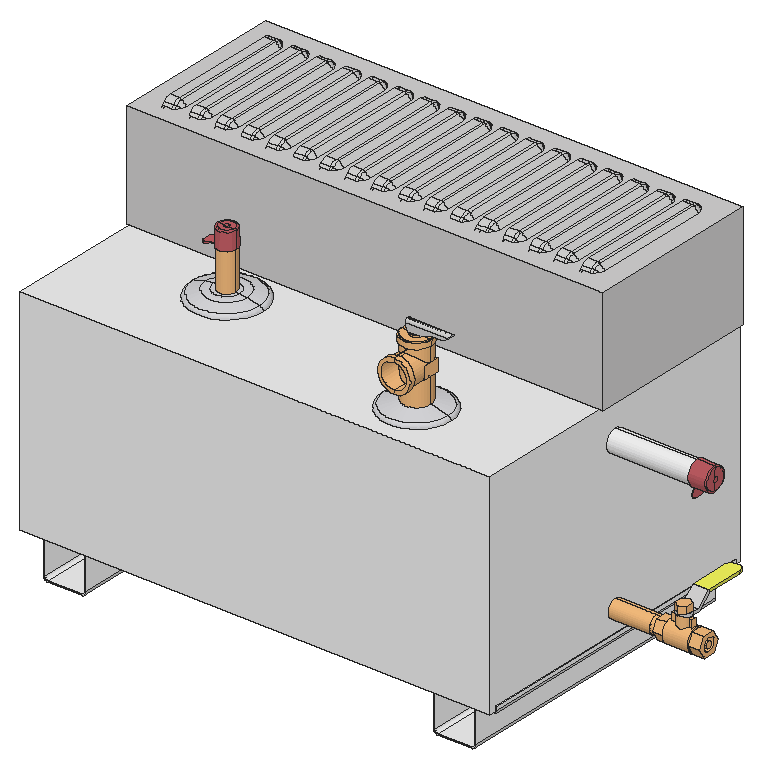
Revit family "Shower-Steam_Generator-KOHLER-Invigoration_Series-K-32335", category Plumbing Fixtures, host Face, Revit 2021
Family settings
  Host = Face
  Round Connector Dimension = Use Diameter
  Part Type = Normal
  OmniClass Number = 23.21.29.19.19
  OmniClass Title = Steam Room Equipment
  Cut with Voids When Loaded = No
  Shared = No
  Room Calculation Point = No
Parameters (values of type "NA-Stainless")
  Width = 21.85685"  # constant formula
  WaterSense Certified = 1 = 0  # no
  Waste Water Outlet = "Waste Water Outlet"  # constant formula
  Waste Connection = 1 = 1  # yes
  Voltage = 0 V
  Vent Connection = 1 = 1  # yes
  URL = "https://www.us.kohler.com/us/"
  Type = 1
  Steam Outlet = "Steam Outlet"  # constant formula
  Steam Connection = 1 = 1  # yes
  Product Page URL = "http://www.us.kohler.com/us/catalog/productDetails.jsp?productNumber=32335"
  Product Name = "Invigoration Series"  # constant formula
  Product Documentation Link = "https://www.us.kohler.com/webassets/kpna/catalog/pdf/en/K-32335_spec_US-CA_Kohler_en.pdf"
  Pressure Relief = "Pressure Relief"  # constant formula
  Pressure = 0.00 psi
  Model = "K-32335-NA"  # constant formula
  Material = "Premium Metal Construction"  # constant formula
  Master Format 2014 Name = "Residential Faucets, Supplies, and Trim"  # constant formula
  Master Format 2014 = "22 41 39"  # constant formula
  Manufacturer Address = "444 Highland Dr, Kohler, WI 53044"  # constant formula
  Manufacturer = "Kohler Co."  # constant formula
  Length = 11.73622"  # constant formula
  Hot Water Inlet = "Hot Water Inlet"  # constant formula
  Height = 13.73508"  # constant formula
  Handle Clearance 2 = 1.34409"  # constant formula
  Handle Clearance 1 = 2.54787"  # constant formula
  HW Connection = 1 = 1  # yes
  Flow Rate = 0 GPM
  Finish = Kohler-Metal-NA-Anodized_Aluminum
  Environmental Product Declaration = ""
  Electrical Note = "One Dedicated Circuit Required"  # constant formula
  Electrical Connector = 1 = 1  # yes
  Drain Included = 1 = 1  # yes
  Description = "30 KW Steam Generator"  # constant formula
  Default Elevation = 0"
  Declare Label = ""
  Date Modified = "04/30/2024"  # constant formula
  Date Created = "04/30/2024"  # constant formula
  Copyright = "Copyright Kohler Co."  # constant formula
  Contact Us = "https://www.us.kohler.com/us/static/contact.jsp"
  Cold Water Inlet = "Cold Water Inlet"  # constant formula
  CW Connection = 1 = 1  # yes
  Assembly Code = "D2010"
  Apparent Load = 30000 VA  # constant formula
  ADA Compliant = 1 = 0  # no
Reference planes (in)
  plane 1 "Center (Front/Back)": y = 0
  plane 2: z = 0
  plane 3 "Center (Left/Right)": x = 0
  plane 4: y = 5.86811
  plane 5: x = -9.04331
  plane 6: x = -9.22301
  plane 7: x = 12.63384
  plane 8: y = -3.99879
  plane 9: y = -2.30118
  plane 10: z = 13.73508
  plane 11: z = 1.53543
  plane 12: z = 2.55906
  plane 13: z = 8.22441
  plane 14: z = 11.10236
  plane 15: x = 4.59843
  plane 16: y = -0.70669
  plane 17: y = -5.86811
  plane 18: x = -4.07087
  plane 19: x = 8.9685
  plane 20: x = -8.9685
  plane 21: z = 9.56693
  plane 22: z = 11.98538
  plane 23: x = 8.86614
  plane 24: z = 13.53937
  plane 25: y = 5.62992
  plane 26: y = -5.63976
  plane 27: y = 2.53801
  plane 28: x = 5.94252
  plane 29: y = -0.00986
  plane 30: x = -3.91208
  plane 31: y = -5.06881
  plane 32: x = 12.39272
  plane 33: z = 6.91806
  plane 34: y = 1.4764
Dimensions and locks (in)
  plane 4 to plane 1 "Center (Front/Back)" = 5.86811"
  "Length": plane 4 to plane 17
  plane 9 to plane 17 = 3.56693"
  nested 1 to plane 18 = 4.89764"
  plane 15 to plane 19 = 4.37008"
  plane 8 to plane 17 = 1.86932"
  plane 20 to plane 19 = 17.93701"
  nested 1 to nested 1 = 2.41845"
  nested 1 to plane 7 = 3.7677"
  plane 13 to host face = 8.22441"
  plane 11 to host face = 1.53543"
  nested 1 to host face = 13.53937"
  plane 21 to plane 14 = 1.53543"
  plane 4 to plane 16 = 6.5748"
  host face to plane 24 = 13.53937"
  host face to plane 12 = 2.55906"
  plane 21 to host face = 9.56693"
  "Handle Clearance 1": plane 27 to plane 29
  "Handle Clearance 2": plane 15 to plane 28
  "Width": plane 6 to plane 7
  "Height": plane 10 to level
  aligned and locked: plane 2 to host face
  aligned and locked: level to host face
Automatic sketch dimensions
  host sketch curve to host sketch curve = 96"  (x2)
Nested families (in)
  nested 1: "K-32335" at (0, 0, 0), type "K-32335"
Connectors (in)
  piping at (12.63386, 0, 8.22441), diameter 0.5, driven by "Steam Connection", driven by "Steam Outlet"
    settings: on nested 1, index 1, connector inside diameter 24", connector length 0", flow factor 0, pipe flow 0 GPM, pressure drop 0.00 psi, fitting loss kfactor 0, connector angle 0.00°, fixture units 0, engagement length 0", angle of deflection 0.00°, flow configuration 0, flow direction 2, fitting loss method 0, system type 22, joint type 0, gender type 0, connector reference index -1, connector utility 1, adjustable connector no, is connector primary yes, connector description "Steam Outlet"
  piping at (-3.91208, -2.30118, 11.98538), diameter 0.375, driven by "CW Connection", driven by "Cold Water Inlet"
    settings: on nested 1, index 2, connector inside diameter 24", connector length 0", flow factor 0, pipe flow 0 GPM, pressure drop 0.00 psi, fitting loss kfactor 0, connector angle 0.00°, fixture units 0, engagement length 0", angle of deflection 0.00°, flow configuration 0, flow direction 1, fitting loss method 0, system type 22, joint type 0, gender type 0, connector reference index -1, connector utility 1, adjustable connector no, is connector primary no, connector description "Cold Water Inlet"
  piping at (4.59843, -5.06871, 11.10236), diameter 0.375, driven by "Vent Connection", driven by "Pressure Relief"
    settings: on nested 1, index 3, connector inside diameter 24", connector length 0", flow factor 0, pipe flow 0 GPM, pressure drop 0.00 psi, fitting loss kfactor 0, connector angle 0.00°, fixture units 0, engagement length 0", angle of deflection 0.00°, flow configuration 0, flow direction 2, fitting loss method 0, system type 17, joint type 0, gender type 0, connector reference index -1, connector utility 1, adjustable connector no, is connector primary no, connector description "Pressure Relief"
  electrical at (-8.84787, 1.4764, 6.91806), driven by "Apparent Load", driven by "Electrical Connector", driven by "Electrical Note"
    settings: on nested 1, index 5, voltage 0 V, apparent load 30000 VA, apparent load phase1 0 VA, apparent load phase2 0 VA, apparent load phase3 0 VA, power factor 1, load classification "Power", number of poles 1, system type 30, power factor state 1, is connector primary yes, connector utility yes, sub classification motor no, connector description "One Dedicated Circuit Required"
  piping at (12.39272, -0.00984, 2.55906), diameter 0.375, driven by "Waste Connection", driven by "Waste Water Outlet"
    settings: on nested 1, index 6, connector inside diameter 24", connector length 0", flow factor 0, pipe flow 0 GPM, pressure drop 0.00 psi, fitting loss kfactor 0, connector angle 0.00°, fixture units 0, engagement length 0", angle of deflection 0.00°, flow configuration 0, flow direction 2, fitting loss method 0, system type 16, joint type 0, gender type 0, connector reference index -1, connector utility 1, adjustable connector no, is connector primary no, connector description "Waste Water Outlet"
Definition of nested family "K-32335"
  Parameters
    Material = none
    Default Elevation = 0"
  Reference planes (in)
    plane 1 "Center (Front/Back)": y = 0
    plane 2: z = 0
    plane 3 "Center (Left/Right)": x = 0
    plane 4: x = 8.9685
    plane 5: x = -8.9685
    plane 6: x = 12.63386
    plane 7: x = 8.86614
    plane 8: z = 13.53937
    plane 9: z = 1.53543
    plane 10: z = 8.22441
    plane 11: x = 12.39272
    plane 12: z = 9.56693
    plane 13: z = 2.55906
    plane 14: z = 11.10236
    plane 15: y = 5.86811
    plane 16: y = -5.86811
    plane 17: y = -0.00984
    plane 18: x = -4.07087
    plane 19 "FF": x = 4.59843
    plane 20 "revv": y = -2.30118
    plane 21: y = -0.70669
    plane 22 "ff": y = -3.99879
    plane 23: z = 6.91806
    plane 24: y = 1.4764
    plane 25: y = 0.82679
    plane 26: y = 0.13782
    plane 27 "scrr": y = 5.67129
    plane 28: x = -9.04331
    plane 29: x = -9.22301
    plane 30: z = 13.73509
    plane 31: x = -3.91208
    plane 32: z = 11.98538
    plane 33: y = -5.63976
    plane 34: y = 5.62992
    plane 35: y = 2.53801
    plane 36: x = 5.9425
  Forms (in)
    Extrusion 1, solid, material <- "Material"
      sketch origin (0, 0, 0) x (1, 0, 0) y (0, 0, 1)
        loop
          line (-8.12992, 1.37672) -> (-8.12992, 0.15625)
          arc (-8.12992, 0.15625) -> (-8.0838, 0.04489) -> (-7.97244, -0.00123) r 0.15748
          line (-7.97244, -0.00123) -> (-6.70472, -0.00123)
          arc (-6.70472, -0.00123) -> (-6.59337, 0.04489) -> (-6.54724, 0.15625) r 0.15748
          line (-6.54724, 0.15625) -> (-6.54724, 1.37672)
          arc (-6.54724, 1.37672) -> (-6.51265, 1.46024) -> (-6.42913, 1.49483) r 0.11811
          line (-6.42913, 1.49483) -> (-6.0748, 1.49483) -> (-6.0748, 1.5342) -> (-6.42913, 1.5342)
          arc (-6.42913, 1.5342) -> (-6.54049, 1.48808) -> (-6.58661, 1.37672) r 0.15748
          line (-6.58661, 1.37672) -> (-6.58661, 0.15625)
          arc (-6.58661, 0.15625) -> (-6.62121, 0.07273) -> (-6.70472, 0.03814) r 0.11811
          line (-6.70472, 0.03814) -> (-7.97244, 0.03814)
          arc (-7.97244, 0.03814) -> (-8.05596, 0.07273) -> (-8.09055, 0.15625) r 0.11811
          line (-8.09055, 0.15625) -> (-8.09055, 1.37672)
          arc (-8.09055, 1.37672) -> (-8.13668, 1.48808) -> (-8.24803, 1.5342) r 0.15748
          line (-8.24803, 1.5342) -> (-8.84252, 1.5342)
          arc (-8.84252, 1.5342) -> (-8.87036, 1.54573) -> (-8.88189, 1.57357) r 0.03937
          line (-8.88189, 1.57357) -> (-8.88189, 1.73105) -> (-8.92126, 1.73105) -> (-8.92126, 1.57357)
          arc (-8.92126, 1.57357) -> (-8.8982, 1.5179) -> (-8.84252, 1.49483) r 0.07874
          line (-8.84252, 1.49483) -> (-8.24803, 1.49483)
          arc (-8.24803, 1.49483) -> (-8.16451, 1.46024) -> (-8.12992, 1.37672) r 0.11811
        loop
          line (6.58661, 0.15625) -> (6.58661, 1.37672)
          arc (6.58661, 1.37672) -> (6.54049, 1.48808) -> (6.42913, 1.5342) r 0.15748
          line (6.42913, 1.5342) -> (6.0748, 1.5342) -> (6.0748, 1.49483) -> (6.42913, 1.49483)
          arc (6.42913, 1.49483) -> (6.51265, 1.46024) -> (6.54724, 1.37672) r 0.11811
          line (6.54724, 1.37672) -> (6.54724, 0.15625)
          arc (6.54724, 0.15625) -> (6.59337, 0.04489) -> (6.70472, -0.00123) r 0.15748
          line (6.70472, -0.00123) -> (7.97244, -0.00123)
          arc (7.97244, -0.00123) -> (8.0838, 0.04489) -> (8.12992, 0.15625) r 0.15748
          line (8.12992, 0.15625) -> (8.12992, 1.37672)
          arc (8.12992, 1.37672) -> (8.16451, 1.46024) -> (8.24803, 1.49483) r 0.11811
          line (8.24803, 1.49483) -> (8.84252, 1.49483)
          arc (8.84252, 1.49483) -> (8.8982, 1.5179) -> (8.92126, 1.57357) r 0.07874
          line (8.92126, 1.57357) -> (8.92126, 1.73105) -> (8.88189, 1.73105) -> (8.88189, 1.57357)
          arc (8.88189, 1.57357) -> (8.87036, 1.54573) -> (8.84252, 1.5342) r 0.03937
          line (8.84252, 1.5342) -> (8.24803, 1.5342)
          arc (8.24803, 1.5342) -> (8.13668, 1.48808) -> (8.09055, 1.37672) r 0.15748
          line (8.09055, 1.37672) -> (8.09055, 0.15625)
          arc (8.09055, 0.15625) -> (8.05596, 0.07273) -> (7.97244, 0.03814) r 0.11811
          line (7.97244, 0.03814) -> (6.70472, 0.03814)
          arc (6.70472, 0.03814) -> (6.62121, 0.07273) -> (6.58661, 0.15625) r 0.11811
      from -5.6201 to 5.63974
    Extrusion 2, solid, material <- "Material", detail levels medium+fine
      sketch origin (0, 0, 0) x (1, 0, 0) y (0, 1, 0)
        loop
          line (-8.84787, -5.86811) -> (8.84399, -5.86811) -> (8.84399, 5.86811) -> (-8.84787, 5.86811) -> (-8.84787, -5.86811)
      from 1.5342 to 9.5657
    Extrusion 3, solid, detail levels medium+fine
      sketch origin (0, 0, 0) x (1, 0, 0) y (0, 1, 0)
        loop
          line (8.9685, -0.70667) -> (8.9685, 5.86813) -> (-8.9685, 5.86813) -> (-8.9685, -0.70667) -> (8.9685, -0.70667)
      from 9.5657 to 13.53814
    Sweep 4, solid, detail levels medium+fine
      path origin (0, 0, 0) x (0, 1, 0) y (0, 0, 1)
        loop
          line (5.18847, 13.50127) -> (5.07006, 13.61968)
          arc (5.07006, 13.61968) -> (4.94233, 13.70502) -> (4.79167, 13.73499) r 0.3937
          line (4.79167, 13.73499) -> (0.36979, 13.73499)
          arc (0.36979, 13.73499) -> (0.21913, 13.70502) -> (0.0914, 13.61968) r 0.3937
          line (0.0914, 13.61968) -> (-0.04723, 13.48104)
      profile origin (0, 2.58073, 13.73499) x (0, 0, -1) y (1, 0, 0)
        loop
          line (0, 0.04163) -> (0, -0.30315) -> (0.03459, -0.30315) -> (0.03459, 0.0068)
          arc (0.03459, 0.0068) -> (0.04477, 0.05794) -> (0.07373, 0.10129) r 0.13363
          line (0.07373, 0.10129) -> (0.21223, 0.23979) -> (0.21223, 0.30278) -> (0.03459, 0.12514)
          arc (0.03459, 0.12514) -> (0.00899, 0.08683) -> (0, 0.04163) r 0.11811
    Sweep 5, solid, detail levels medium+fine
      path origin (0.98425, 0, 0) x (0, 1, 0) y (0, 0, 1)
        loop
          line (5.18847, 13.50127) -> (5.07006, 13.61968)
          arc (5.07006, 13.61968) -> (4.94233, 13.70502) -> (4.79167, 13.73499) r 0.3937
          line (4.79167, 13.73499) -> (0.36979, 13.73499)
          arc (0.36979, 13.73499) -> (0.21913, 13.70502) -> (0.0914, 13.61968) r 0.3937
          line (0.0914, 13.61968) -> (-0.04723, 13.48104)
      profile origin (0.98425, 2.58073, 13.73499) x (0, 0, -1) y (1, 0, 0)
        loop
          line (0, 0.04163) -> (0, -0.30315) -> (0.03459, -0.30315) -> (0.03459, 0.0068)
          arc (0.03459, 0.0068) -> (0.04477, 0.05794) -> (0.07373, 0.10129) r 0.13363
          line (0.07373, 0.10129) -> (0.21223, 0.23979) -> (0.21223, 0.30278) -> (0.03459, 0.12514)
          arc (0.03459, 0.12514) -> (0.00899, 0.08683) -> (0, 0.04163) r 0.11811
    Sweep 6, solid, detail levels medium+fine
      path origin (1.9685, 0, 0) x (0, 1, 0) y (0, 0, 1)
        loop
          line (5.18847, 13.50127) -> (5.07006, 13.61968)
          arc (5.07006, 13.61968) -> (4.94233, 13.70502) -> (4.79167, 13.73499) r 0.3937
          line (4.79167, 13.73499) -> (0.36979, 13.73499)
          arc (0.36979, 13.73499) -> (0.21913, 13.70502) -> (0.0914, 13.61968) r 0.3937
          line (0.0914, 13.61968) -> (-0.04723, 13.48104)
      profile origin (1.9685, 2.58073, 13.73499) x (0, 0, -1) y (1, 0, 0)
        loop
          line (0, 0.04163) -> (0, -0.30315) -> (0.03459, -0.30315) -> (0.03459, 0.0068)
          arc (0.03459, 0.0068) -> (0.04477, 0.05794) -> (0.07373, 0.10129) r 0.13363
          line (0.07373, 0.10129) -> (0.21223, 0.23979) -> (0.21223, 0.30278) -> (0.03459, 0.12514)
          arc (0.03459, 0.12514) -> (0.00899, 0.08683) -> (0, 0.04163) r 0.11811
    Sweep 7, solid, detail levels medium+fine
      path origin (2.95276, 0, 0) x (0, 1, 0) y (0, 0, 1)
        loop
          line (5.18847, 13.50127) -> (5.07006, 13.61968)
          arc (5.07006, 13.61968) -> (4.94233, 13.70502) -> (4.79167, 13.73499) r 0.3937
          line (4.79167, 13.73499) -> (0.36979, 13.73499)
          arc (0.36979, 13.73499) -> (0.21913, 13.70502) -> (0.0914, 13.61968) r 0.3937
          line (0.0914, 13.61968) -> (-0.04723, 13.48104)
      profile origin (2.95276, 2.58073, 13.73499) x (0, 0, -1) y (1, 0, 0)
        loop
          line (0, 0.04163) -> (0, -0.30315) -> (0.03459, -0.30315) -> (0.03459, 0.0068)
          arc (0.03459, 0.0068) -> (0.04477, 0.05794) -> (0.07373, 0.10129) r 0.13363
          line (0.07373, 0.10129) -> (0.21223, 0.23979) -> (0.21223, 0.30278) -> (0.03459, 0.12514)
          arc (0.03459, 0.12514) -> (0.00899, 0.08683) -> (0, 0.04163) r 0.11811
    Sweep 8, solid, detail levels medium+fine
      path origin (3.93701, 0, 0) x (0, 1, 0) y (0, 0, 1)
        loop
          line (5.18847, 13.50127) -> (5.07006, 13.61968)
          arc (5.07006, 13.61968) -> (4.94233, 13.70502) -> (4.79167, 13.73499) r 0.3937
          line (4.79167, 13.73499) -> (0.36979, 13.73499)
          arc (0.36979, 13.73499) -> (0.21913, 13.70502) -> (0.0914, 13.61968) r 0.3937
          line (0.0914, 13.61968) -> (-0.04723, 13.48104)
      profile origin (3.93701, 2.58073, 13.73499) x (0, 0, -1) y (1, 0, 0)
        loop
          line (0, 0.04163) -> (0, -0.30315) -> (0.03459, -0.30315) -> (0.03459, 0.0068)
          arc (0.03459, 0.0068) -> (0.04477, 0.05794) -> (0.07373, 0.10129) r 0.13363
          line (0.07373, 0.10129) -> (0.21223, 0.23979) -> (0.21223, 0.30278) -> (0.03459, 0.12514)
          arc (0.03459, 0.12514) -> (0.00899, 0.08683) -> (0, 0.04163) r 0.11811
    Sweep 9, solid, detail levels medium+fine
      path origin (4.92126, 0, 0) x (0, 1, 0) y (0, 0, 1)
        loop
          line (5.18847, 13.50127) -> (5.07006, 13.61968)
          arc (5.07006, 13.61968) -> (4.94233, 13.70502) -> (4.79167, 13.73499) r 0.3937
          line (4.79167, 13.73499) -> (0.36979, 13.73499)
          arc (0.36979, 13.73499) -> (0.21913, 13.70502) -> (0.0914, 13.61968) r 0.3937
          line (0.0914, 13.61968) -> (-0.04723, 13.48104)
      profile origin (4.92126, 2.58073, 13.73499) x (0, 0, -1) y (1, 0, 0)
        loop
          line (0, 0.04163) -> (0, -0.30315) -> (0.03459, -0.30315) -> (0.03459, 0.0068)
          arc (0.03459, 0.0068) -> (0.04477, 0.05794) -> (0.07373, 0.10129) r 0.13363
          line (0.07373, 0.10129) -> (0.21223, 0.23979) -> (0.21223, 0.30278) -> (0.03459, 0.12514)
          arc (0.03459, 0.12514) -> (0.00899, 0.08683) -> (0, 0.04163) r 0.11811
    Sweep 10, solid, detail levels medium+fine
      path origin (5.90551, 0, 0) x (0, 1, 0) y (0, 0, 1)
        loop
          line (5.18847, 13.50127) -> (5.07006, 13.61968)
          arc (5.07006, 13.61968) -> (4.94233, 13.70502) -> (4.79167, 13.73499) r 0.3937
          line (4.79167, 13.73499) -> (0.36979, 13.73499)
          arc (0.36979, 13.73499) -> (0.21913, 13.70502) -> (0.0914, 13.61968) r 0.3937
          line (0.0914, 13.61968) -> (-0.04723, 13.48104)
      profile origin (5.90551, 2.58073, 13.73499) x (0, 0, -1) y (1, 0, 0)
        loop
          line (0, 0.04163) -> (0, -0.30315) -> (0.03459, -0.30315) -> (0.03459, 0.0068)
          arc (0.03459, 0.0068) -> (0.04477, 0.05794) -> (0.07373, 0.10129) r 0.13363
          line (0.07373, 0.10129) -> (0.21223, 0.23979) -> (0.21223, 0.30278) -> (0.03459, 0.12514)
          arc (0.03459, 0.12514) -> (0.00899, 0.08683) -> (0, 0.04163) r 0.11811
    Sweep 11, solid, detail levels medium+fine
      path origin (6.88976, 0, 0) x (0, 1, 0) y (0, 0, 1)
        loop
          line (5.18847, 13.50127) -> (5.07006, 13.61968)
          arc (5.07006, 13.61968) -> (4.94233, 13.70502) -> (4.79167, 13.73499) r 0.3937
          line (4.79167, 13.73499) -> (0.36979, 13.73499)
          arc (0.36979, 13.73499) -> (0.21913, 13.70502) -> (0.0914, 13.61968) r 0.3937
          line (0.0914, 13.61968) -> (-0.04723, 13.48104)
      profile origin (6.88976, 2.58073, 13.73499) x (0, 0, -1) y (1, 0, 0)
        loop
          line (0, 0.04163) -> (0, -0.30315) -> (0.03459, -0.30315) -> (0.03459, 0.0068)
          arc (0.03459, 0.0068) -> (0.04477, 0.05794) -> (0.07373, 0.10129) r 0.13363
          line (0.07373, 0.10129) -> (0.21223, 0.23979) -> (0.21223, 0.30278) -> (0.03459, 0.12514)
          arc (0.03459, 0.12514) -> (0.00899, 0.08683) -> (0, 0.04163) r 0.11811
    Sweep 12, solid, detail levels medium+fine
      path origin (7.87402, 0, 0) x (0, 1, 0) y (0, 0, 1)
        loop
          line (5.18847, 13.50127) -> (5.07006, 13.61968)
          arc (5.07006, 13.61968) -> (4.94233, 13.70502) -> (4.79167, 13.73499) r 0.3937
          line (4.79167, 13.73499) -> (0.36979, 13.73499)
          arc (0.36979, 13.73499) -> (0.21913, 13.70502) -> (0.0914, 13.61968) r 0.3937
          line (0.0914, 13.61968) -> (-0.04723, 13.48104)
      profile origin (7.87402, 2.58073, 13.73499) x (0, 0, -1) y (1, 0, 0)
        loop
          line (0, 0.04163) -> (0, -0.30315) -> (0.03459, -0.30315) -> (0.03459, 0.0068)
          arc (0.03459, 0.0068) -> (0.04477, 0.05794) -> (0.07373, 0.10129) r 0.13363
          line (0.07373, 0.10129) -> (0.21223, 0.23979) -> (0.21223, 0.30278) -> (0.03459, 0.12514)
          arc (0.03459, 0.12514) -> (0.00899, 0.08683) -> (0, 0.04163) r 0.11811
    Sweep 13, solid, detail levels medium+fine
      path origin (-0.98425, 0, 0) x (0, 1, 0) y (0, 0, 1)
        loop
          line (5.18847, 13.50127) -> (5.07006, 13.61968)
          arc (5.07006, 13.61968) -> (4.94233, 13.70502) -> (4.79167, 13.73499) r 0.3937
          line (4.79167, 13.73499) -> (0.36979, 13.73499)
          arc (0.36979, 13.73499) -> (0.21913, 13.70502) -> (0.0914, 13.61968) r 0.3937
          line (0.0914, 13.61968) -> (-0.04723, 13.48104)
      profile origin (-0.98425, 2.58073, 13.73499) x (0, 0, -1) y (1, 0, 0)
        loop
          line (0, 0.04163) -> (0, -0.30315) -> (0.03459, -0.30315) -> (0.03459, 0.0068)
          arc (0.03459, 0.0068) -> (0.04477, 0.05794) -> (0.07373, 0.10129) r 0.13363
          line (0.07373, 0.10129) -> (0.21223, 0.23979) -> (0.21223, 0.30278) -> (0.03459, 0.12514)
          arc (0.03459, 0.12514) -> (0.00899, 0.08683) -> (0, 0.04163) r 0.11811
    Sweep 14, solid, detail levels medium+fine
      path origin (-1.9685, 0, 0) x (0, 1, 0) y (0, 0, 1)
        loop
          line (5.18847, 13.50127) -> (5.07006, 13.61968)
          arc (5.07006, 13.61968) -> (4.94233, 13.70502) -> (4.79167, 13.73499) r 0.3937
          line (4.79167, 13.73499) -> (0.36979, 13.73499)
          arc (0.36979, 13.73499) -> (0.21913, 13.70502) -> (0.0914, 13.61968) r 0.3937
          line (0.0914, 13.61968) -> (-0.04723, 13.48104)
      profile origin (-1.9685, 2.58073, 13.73499) x (0, 0, -1) y (1, 0, 0)
        loop
          line (0, 0.04163) -> (0, -0.30315) -> (0.03459, -0.30315) -> (0.03459, 0.0068)
          arc (0.03459, 0.0068) -> (0.04477, 0.05794) -> (0.07373, 0.10129) r 0.13363
          line (0.07373, 0.10129) -> (0.21223, 0.23979) -> (0.21223, 0.30278) -> (0.03459, 0.12514)
          arc (0.03459, 0.12514) -> (0.00899, 0.08683) -> (0, 0.04163) r 0.11811
    Sweep 15, solid, detail levels medium+fine
      path origin (-2.95276, 0, 0) x (0, 1, 0) y (0, 0, 1)
        loop
          line (5.18847, 13.50127) -> (5.07006, 13.61968)
          arc (5.07006, 13.61968) -> (4.94233, 13.70502) -> (4.79167, 13.73499) r 0.3937
          line (4.79167, 13.73499) -> (0.36979, 13.73499)
          arc (0.36979, 13.73499) -> (0.21913, 13.70502) -> (0.0914, 13.61968) r 0.3937
          line (0.0914, 13.61968) -> (-0.04723, 13.48104)
      profile origin (-2.95276, 2.58073, 13.73499) x (0, 0, -1) y (1, 0, 0)
        loop
          line (0, 0.04163) -> (0, -0.30315) -> (0.03459, -0.30315) -> (0.03459, 0.0068)
          arc (0.03459, 0.0068) -> (0.04477, 0.05794) -> (0.07373, 0.10129) r 0.13363
          line (0.07373, 0.10129) -> (0.21223, 0.23979) -> (0.21223, 0.30278) -> (0.03459, 0.12514)
          arc (0.03459, 0.12514) -> (0.00899, 0.08683) -> (0, 0.04163) r 0.11811
    Sweep 16, solid, detail levels medium+fine
      path origin (-3.93701, 0, 0) x (0, 1, 0) y (0, 0, 1)
        loop
          line (5.18847, 13.50127) -> (5.07006, 13.61968)
          arc (5.07006, 13.61968) -> (4.94233, 13.70502) -> (4.79167, 13.73499) r 0.3937
          line (4.79167, 13.73499) -> (0.36979, 13.73499)
          arc (0.36979, 13.73499) -> (0.21913, 13.70502) -> (0.0914, 13.61968) r 0.3937
          line (0.0914, 13.61968) -> (-0.04723, 13.48104)
      profile origin (-3.93701, 2.58073, 13.73499) x (0, 0, -1) y (1, 0, 0)
        loop
          line (0, 0.04163) -> (0, -0.30315) -> (0.03459, -0.30315) -> (0.03459, 0.0068)
          arc (0.03459, 0.0068) -> (0.04477, 0.05794) -> (0.07373, 0.10129) r 0.13363
          line (0.07373, 0.10129) -> (0.21223, 0.23979) -> (0.21223, 0.30278) -> (0.03459, 0.12514)
          arc (0.03459, 0.12514) -> (0.00899, 0.08683) -> (0, 0.04163) r 0.11811
    Sweep 17, solid, detail levels medium+fine
      path origin (-4.92126, 0, 0) x (0, 1, 0) y (0, 0, 1)
        loop
          line (5.18847, 13.50127) -> (5.07006, 13.61968)
          arc (5.07006, 13.61968) -> (4.94233, 13.70502) -> (4.79167, 13.73499) r 0.3937
          line (4.79167, 13.73499) -> (0.36979, 13.73499)
          arc (0.36979, 13.73499) -> (0.21913, 13.70502) -> (0.0914, 13.61968) r 0.3937
          line (0.0914, 13.61968) -> (-0.04723, 13.48104)
      profile origin (-4.92126, 2.58073, 13.73499) x (0, 0, -1) y (1, 0, 0)
        loop
          line (0, 0.04163) -> (0, -0.30315) -> (0.03459, -0.30315) -> (0.03459, 0.0068)
          arc (0.03459, 0.0068) -> (0.04477, 0.05794) -> (0.07373, 0.10129) r 0.13363
          line (0.07373, 0.10129) -> (0.21223, 0.23979) -> (0.21223, 0.30278) -> (0.03459, 0.12514)
          arc (0.03459, 0.12514) -> (0.00899, 0.08683) -> (0, 0.04163) r 0.11811
    Sweep 18, solid, detail levels medium+fine
      path origin (-5.90551, 0, 0) x (0, 1, 0) y (0, 0, 1)
        loop
          line (5.18847, 13.50127) -> (5.07006, 13.61968)
          arc (5.07006, 13.61968) -> (4.94233, 13.70502) -> (4.79167, 13.73499) r 0.3937
          line (4.79167, 13.73499) -> (0.36979, 13.73499)
          arc (0.36979, 13.73499) -> (0.21913, 13.70502) -> (0.0914, 13.61968) r 0.3937
          line (0.0914, 13.61968) -> (-0.04723, 13.48104)
      profile origin (-5.90551, 2.58073, 13.73499) x (0, 0, -1) y (1, 0, 0)
        loop
          line (0, 0.04163) -> (0, -0.30315) -> (0.03459, -0.30315) -> (0.03459, 0.0068)
          arc (0.03459, 0.0068) -> (0.04477, 0.05794) -> (0.07373, 0.10129) r 0.13363
          line (0.07373, 0.10129) -> (0.21223, 0.23979) -> (0.21223, 0.30278) -> (0.03459, 0.12514)
          arc (0.03459, 0.12514) -> (0.00899, 0.08683) -> (0, 0.04163) r 0.11811
    Sweep 19, solid, detail levels medium+fine
      path origin (-6.88976, 0, 0) x (0, 1, 0) y (0, 0, 1)
        loop
          line (5.18847, 13.50127) -> (5.07006, 13.61968)
          arc (5.07006, 13.61968) -> (4.94233, 13.70502) -> (4.79167, 13.73499) r 0.3937
          line (4.79167, 13.73499) -> (0.36979, 13.73499)
          arc (0.36979, 13.73499) -> (0.21913, 13.70502) -> (0.0914, 13.61968) r 0.3937
          line (0.0914, 13.61968) -> (-0.04723, 13.48104)
      profile origin (-6.88976, 2.58073, 13.73499) x (0, 0, -1) y (1, 0, 0)
        loop
          line (0, 0.04163) -> (0, -0.30315) -> (0.03459, -0.30315) -> (0.03459, 0.0068)
          arc (0.03459, 0.0068) -> (0.04477, 0.05794) -> (0.07373, 0.10129) r 0.13363
          line (0.07373, 0.10129) -> (0.21223, 0.23979) -> (0.21223, 0.30278) -> (0.03459, 0.12514)
          arc (0.03459, 0.12514) -> (0.00899, 0.08683) -> (0, 0.04163) r 0.11811
    Sweep 20, solid, detail levels medium+fine
      path origin (-7.87402, 0, 0) x (0, 1, 0) y (0, 0, 1)
        loop
          line (5.18847, 13.50127) -> (5.07006, 13.61968)
          arc (5.07006, 13.61968) -> (4.94233, 13.70502) -> (4.79167, 13.73499) r 0.3937
          line (4.79167, 13.73499) -> (0.36979, 13.73499)
          arc (0.36979, 13.73499) -> (0.21913, 13.70502) -> (0.0914, 13.61968) r 0.3937
          line (0.0914, 13.61968) -> (-0.04723, 13.48104)
      profile origin (-7.87402, 2.58073, 13.73499) x (0, 0, -1) y (1, 0, 0)
        loop
          line (0, 0.04163) -> (0, -0.30315) -> (0.03459, -0.30315) -> (0.03459, 0.0068)
          arc (0.03459, 0.0068) -> (0.04477, 0.05794) -> (0.07373, 0.10129) r 0.13363
          line (0.07373, 0.10129) -> (0.21223, 0.23979) -> (0.21223, 0.30278) -> (0.03459, 0.12514)
          arc (0.03459, 0.12514) -> (0.00899, 0.08683) -> (0, 0.04163) r 0.11811
    Sweep 21, solid, material <- "Material", detail levels medium+fine
      path origin (0, 0, 0) x (1, 0, 0) y (0, 1, 0)
        loop
          line (-8.84799, 5.23306) -> (-8.94543, 5.13562)
          arc (-8.94543, 5.13562) -> (-9.01797, 5.02705) -> (-9.04344, 4.89899) r 0.33465
          line (-9.04344, 4.89899) -> (-9.04344, 3.17511)
          arc (-9.04344, 3.17511) -> (-9.01797, 3.04705) -> (-8.94543, 2.93848) r 0.33465
          line (-8.94543, 2.93848) -> (-8.84799, 2.84105)
      profile origin (-9.04344, 4.03705, 0) x (1, 0, 0) y (0, 0, 1)
        loop
          line (0.23864, 8.11393) -> (0.07253, 7.94782)
          arc (0.07253, 7.94782) -> (0.01885, 7.86748) -> (0, 7.77272) r 0.24764
          line (0, 7.77272) -> (0, 7.46624) -> (0.03182, 7.46624) -> (0.03182, 7.78171)
          arc (0.03182, 7.78171) -> (0.04457, 7.84578) -> (0.08086, 7.9001) r 0.16743
          line (0.08086, 7.9001) -> (0.23864, 8.05788) -> (0.23864, 8.11393)
    Sweep 22, solid, material <- "Material", detail levels medium+fine
      path origin (0, 0, -1.04577) x (1, 0, 0) y (0, 1, 0)
        loop
          line (-8.84799, 5.23306) -> (-8.94543, 5.13562)
          arc (-8.94543, 5.13562) -> (-9.01797, 5.02705) -> (-9.04344, 4.89899) r 0.33465
          line (-9.04344, 4.89899) -> (-9.04344, 3.17511)
          arc (-9.04344, 3.17511) -> (-9.01797, 3.04705) -> (-8.94543, 2.93848) r 0.33465
          line (-8.94543, 2.93848) -> (-8.84799, 2.84105)
      profile origin (-9.04344, 4.03705, -1.04577) x (1, 0, 0) y (0, 0, 1)
        loop
          line (0.23864, 8.11393) -> (0.07253, 7.94782)
          arc (0.07253, 7.94782) -> (0.01885, 7.86748) -> (0, 7.77272) r 0.24764
          line (0, 7.77272) -> (0, 7.46624) -> (0.03182, 7.46624) -> (0.03182, 7.78171)
          arc (0.03182, 7.78171) -> (0.04457, 7.84578) -> (0.08086, 7.9001) r 0.16743
          line (0.08086, 7.9001) -> (0.23864, 8.05788) -> (0.23864, 8.11393)
    Sweep 23, solid, material <- "Material", detail levels medium+fine
      path origin (0, 0, -2.08538) x (1, 0, 0) y (0, 1, 0)
        loop
          line (-8.84799, 5.23306) -> (-8.94543, 5.13562)
          arc (-8.94543, 5.13562) -> (-9.01797, 5.02705) -> (-9.04344, 4.89899) r 0.33465
          line (-9.04344, 4.89899) -> (-9.04344, 3.17511)
          arc (-9.04344, 3.17511) -> (-9.01797, 3.04705) -> (-8.94543, 2.93848) r 0.33465
          line (-8.94543, 2.93848) -> (-8.84799, 2.84105)
      profile origin (-9.04344, 4.03705, -2.08538) x (1, 0, 0) y (0, 0, 1)
        loop
          line (0.23864, 8.11393) -> (0.07253, 7.94782)
          arc (0.07253, 7.94782) -> (0.01885, 7.86748) -> (0, 7.77272) r 0.24764
          line (0, 7.77272) -> (0, 7.46624) -> (0.03182, 7.46624) -> (0.03182, 7.78171)
          arc (0.03182, 7.78171) -> (0.04457, 7.84578) -> (0.08086, 7.9001) r 0.16743
          line (0.08086, 7.9001) -> (0.23864, 8.05788) -> (0.23864, 8.11393)
    Sweep 24, solid, material <- "Material", detail levels medium+fine
      path origin (0, 0, -3.125) x (1, 0, 0) y (0, 1, 0)
        loop
          line (-8.84799, 5.23306) -> (-8.94543, 5.13562)
          arc (-8.94543, 5.13562) -> (-9.01797, 5.02705) -> (-9.04344, 4.89899) r 0.33465
          line (-9.04344, 4.89899) -> (-9.04344, 3.17511)
          arc (-9.04344, 3.17511) -> (-9.01797, 3.04705) -> (-8.94543, 2.93848) r 0.33465
          line (-8.94543, 2.93848) -> (-8.84799, 2.84105)
      profile origin (-9.04344, 4.03705, -3.125) x (1, 0, 0) y (0, 0, 1)
        loop
          line (0.23864, 8.11393) -> (0.07253, 7.94782)
          arc (0.07253, 7.94782) -> (0.01885, 7.86748) -> (0, 7.77272) r 0.24764
          line (0, 7.77272) -> (0, 7.46624) -> (0.03182, 7.46624) -> (0.03182, 7.78171)
          arc (0.03182, 7.78171) -> (0.04457, 7.84578) -> (0.08086, 7.9001) r 0.16743
          line (0.08086, 7.9001) -> (0.23864, 8.05788) -> (0.23864, 8.11393)
    Sweep 25, solid, material <- "Material", detail levels medium+fine
      path origin (0, 0, -4.18307) x (1, 0, 0) y (0, 1, 0)
        loop
          line (-8.84799, 5.23306) -> (-8.94543, 5.13562)
          arc (-8.94543, 5.13562) -> (-9.01797, 5.02705) -> (-9.04344, 4.89899) r 0.33465
          line (-9.04344, 4.89899) -> (-9.04344, 3.17511)
          arc (-9.04344, 3.17511) -> (-9.01797, 3.04705) -> (-8.94543, 2.93848) r 0.33465
          line (-8.94543, 2.93848) -> (-8.84799, 2.84105)
      profile origin (-9.04344, 4.03705, -4.18307) x (1, 0, 0) y (0, 0, 1)
        loop
          line (0.23864, 8.11393) -> (0.07253, 7.94782)
          arc (0.07253, 7.94782) -> (0.01885, 7.86748) -> (0, 7.77272) r 0.24764
          line (0, 7.77272) -> (0, 7.46624) -> (0.03182, 7.46624) -> (0.03182, 7.78171)
          arc (0.03182, 7.78171) -> (0.04457, 7.84578) -> (0.08086, 7.9001) r 0.16743
          line (0.08086, 7.9001) -> (0.23864, 8.05788) -> (0.23864, 8.11393)
    Sweep 26, solid, material <- "Material", detail levels medium+fine
      path origin (0, 0, -5.21654) x (1, 0, 0) y (0, 1, 0)
        loop
          line (-8.84799, 5.23306) -> (-8.94543, 5.13562)
          arc (-8.94543, 5.13562) -> (-9.01797, 5.02705) -> (-9.04344, 4.89899) r 0.33465
          line (-9.04344, 4.89899) -> (-9.04344, 3.17511)
          arc (-9.04344, 3.17511) -> (-9.01797, 3.04705) -> (-8.94543, 2.93848) r 0.33465
          line (-8.94543, 2.93848) -> (-8.84799, 2.84105)
      profile origin (-9.04344, 4.03705, -5.21654) x (1, 0, 0) y (0, 0, 1)
        loop
          line (0.23864, 8.11393) -> (0.07253, 7.94782)
          arc (0.07253, 7.94782) -> (0.01885, 7.86748) -> (0, 7.77272) r 0.24764
          line (0, 7.77272) -> (0, 7.46624) -> (0.03182, 7.46624) -> (0.03182, 7.78171)
          arc (0.03182, 7.78171) -> (0.04457, 7.84578) -> (0.08086, 7.9001) r 0.16743
          line (0.08086, 7.9001) -> (0.23864, 8.05788) -> (0.23864, 8.11393)
    Sweep 27, solid, material <- "Material", detail levels medium+fine
      path origin (0, -8.09547, 0) x (1, 0, 0) y (0, 1, 0)
        loop
          line (-8.84799, 5.23306) -> (-8.94543, 5.13562)
          arc (-8.94543, 5.13562) -> (-9.01797, 5.02705) -> (-9.04344, 4.89899) r 0.33465
          line (-9.04344, 4.89899) -> (-9.04344, 3.17511)
          arc (-9.04344, 3.17511) -> (-9.01797, 3.04705) -> (-8.94543, 2.93848) r 0.33465
          line (-8.94543, 2.93848) -> (-8.84799, 2.84105)
      profile origin (-9.04344, -4.05842, 0) x (1, 0, 0) y (0, 0, 1)
        loop
          line (0.23864, 8.11393) -> (0.07253, 7.94782)
          arc (0.07253, 7.94782) -> (0.01885, 7.86748) -> (0, 7.77272) r 0.24764
          line (0, 7.77272) -> (0, 7.46624) -> (0.03182, 7.46624) -> (0.03182, 7.78171)
          arc (0.03182, 7.78171) -> (0.04457, 7.84578) -> (0.08086, 7.9001) r 0.16743
          line (0.08086, 7.9001) -> (0.23864, 8.05788) -> (0.23864, 8.11393)
    Sweep 28, solid, material <- "Material", detail levels medium+fine
      path origin (0, -8.09547, -1.04577) x (1, 0, 0) y (0, 1, 0)
        loop
          line (-8.84799, 5.23306) -> (-8.94543, 5.13562)
          arc (-8.94543, 5.13562) -> (-9.01797, 5.02705) -> (-9.04344, 4.89899) r 0.33465
          line (-9.04344, 4.89899) -> (-9.04344, 3.17511)
          arc (-9.04344, 3.17511) -> (-9.01797, 3.04705) -> (-8.94543, 2.93848) r 0.33465
          line (-8.94543, 2.93848) -> (-8.84799, 2.84105)
      profile origin (-9.04344, -4.05842, -1.04577) x (1, 0, 0) y (0, 0, 1)
        loop
          line (0.23864, 8.11393) -> (0.07253, 7.94782)
          arc (0.07253, 7.94782) -> (0.01885, 7.86748) -> (0, 7.77272) r 0.24764
          line (0, 7.77272) -> (0, 7.46624) -> (0.03182, 7.46624) -> (0.03182, 7.78171)
          arc (0.03182, 7.78171) -> (0.04457, 7.84578) -> (0.08086, 7.9001) r 0.16743
          line (0.08086, 7.9001) -> (0.23864, 8.05788) -> (0.23864, 8.11393)
    Sweep 29, solid, material <- "Material", detail levels medium+fine
      path origin (0, -8.09547, -2.08538) x (1, 0, 0) y (0, 1, 0)
        loop
          line (-8.84799, 5.23306) -> (-8.94543, 5.13562)
          arc (-8.94543, 5.13562) -> (-9.01797, 5.02705) -> (-9.04344, 4.89899) r 0.33465
          line (-9.04344, 4.89899) -> (-9.04344, 3.17511)
          arc (-9.04344, 3.17511) -> (-9.01797, 3.04705) -> (-8.94543, 2.93848) r 0.33465
          line (-8.94543, 2.93848) -> (-8.84799, 2.84105)
      profile origin (-9.04344, -4.05842, -2.08538) x (1, 0, 0) y (0, 0, 1)
        loop
          line (0.23864, 8.11393) -> (0.07253, 7.94782)
          arc (0.07253, 7.94782) -> (0.01885, 7.86748) -> (0, 7.77272) r 0.24764
          line (0, 7.77272) -> (0, 7.46624) -> (0.03182, 7.46624) -> (0.03182, 7.78171)
          arc (0.03182, 7.78171) -> (0.04457, 7.84578) -> (0.08086, 7.9001) r 0.16743
          line (0.08086, 7.9001) -> (0.23864, 8.05788) -> (0.23864, 8.11393)
    Sweep 30, solid, material <- "Material", detail levels medium+fine
      path origin (0, -8.09547, -3.125) x (1, 0, 0) y (0, 1, 0)
        loop
          line (-8.84799, 5.23306) -> (-8.94543, 5.13562)
          arc (-8.94543, 5.13562) -> (-9.01797, 5.02705) -> (-9.04344, 4.89899) r 0.33465
          line (-9.04344, 4.89899) -> (-9.04344, 3.17511)
          arc (-9.04344, 3.17511) -> (-9.01797, 3.04705) -> (-8.94543, 2.93848) r 0.33465
          line (-8.94543, 2.93848) -> (-8.84799, 2.84105)
      profile origin (-9.04344, -4.05842, -3.125) x (1, 0, 0) y (0, 0, 1)
        loop
          line (0.23864, 8.11393) -> (0.07253, 7.94782)
          arc (0.07253, 7.94782) -> (0.01885, 7.86748) -> (0, 7.77272) r 0.24764
          line (0, 7.77272) -> (0, 7.46624) -> (0.03182, 7.46624) -> (0.03182, 7.78171)
          arc (0.03182, 7.78171) -> (0.04457, 7.84578) -> (0.08086, 7.9001) r 0.16743
          line (0.08086, 7.9001) -> (0.23864, 8.05788) -> (0.23864, 8.11393)
    Sweep 31, solid, material <- "Material", detail levels medium+fine
      path origin (0, -8.09547, -4.18307) x (1, 0, 0) y (0, 1, 0)
        loop
          line (-8.84799, 5.23306) -> (-8.94543, 5.13562)
          arc (-8.94543, 5.13562) -> (-9.01797, 5.02705) -> (-9.04344, 4.89899) r 0.33465
          line (-9.04344, 4.89899) -> (-9.04344, 3.17511)
          arc (-9.04344, 3.17511) -> (-9.01797, 3.04705) -> (-8.94543, 2.93848) r 0.33465
          line (-8.94543, 2.93848) -> (-8.84799, 2.84105)
      profile origin (-9.04344, -4.05842, -4.18307) x (1, 0, 0) y (0, 0, 1)
        loop
          line (0.23864, 8.11393) -> (0.07253, 7.94782)
          arc (0.07253, 7.94782) -> (0.01885, 7.86748) -> (0, 7.77272) r 0.24764
          line (0, 7.77272) -> (0, 7.46624) -> (0.03182, 7.46624) -> (0.03182, 7.78171)
          arc (0.03182, 7.78171) -> (0.04457, 7.84578) -> (0.08086, 7.9001) r 0.16743
          line (0.08086, 7.9001) -> (0.23864, 8.05788) -> (0.23864, 8.11393)
    Sweep 32, solid, material <- "Material", detail levels medium+fine
      path origin (0, -8.09547, -5.21654) x (1, 0, 0) y (0, 1, 0)
        loop
          line (-8.84799, 5.23306) -> (-8.94543, 5.13562)
          arc (-8.94543, 5.13562) -> (-9.01797, 5.02705) -> (-9.04344, 4.89899) r 0.33465
          line (-9.04344, 4.89899) -> (-9.04344, 3.17511)
          arc (-9.04344, 3.17511) -> (-9.01797, 3.04705) -> (-8.94543, 2.93848) r 0.33465
          line (-8.94543, 2.93848) -> (-8.84799, 2.84105)
      profile origin (-9.04344, -4.05842, -5.21654) x (1, 0, 0) y (0, 0, 1)
        loop
          line (0.23864, 8.11393) -> (0.07253, 7.94782)
          arc (0.07253, 7.94782) -> (0.01885, 7.86748) -> (0, 7.77272) r 0.24764
          line (0, 7.77272) -> (0, 7.46624) -> (0.03182, 7.46624) -> (0.03182, 7.78171)
          arc (0.03182, 7.78171) -> (0.04457, 7.84578) -> (0.08086, 7.9001) r 0.16743
          line (0.08086, 7.9001) -> (0.23864, 8.05788) -> (0.23864, 8.11393)
    Revolve 33, solid, material <- "Material"
      sketch origin (0, -2.30118, 0) x (1, 0, 0) y (0, 0, 1)
        loop
          line (-3.90748, 11.98538) -> (-4.21058, 11.98538)
          arc (-4.21058, 11.98538) -> (-4.24339, 11.97212) -> (-4.25779, 11.93979) r 0.04724
          line (-4.25779, 11.93979) -> (-4.27945, 11.31953) -> (-4.24321, 11.31953) -> (-4.24321, 9.86167) -> (-4.4078, 9.86167)
          arc (-4.4078, 9.86167) -> (-4.55457, 9.85353) -> (-4.69953, 9.82921) r 1.32746
          arc (-4.69953, 9.82921) -> (-4.92596, 9.77266) -> (-5.14953, 9.70569) r 5.03858
          arc (-5.14953, 9.70569) -> (-5.22899, 9.65255) -> (-5.26892, 9.5657) r 0.17588
          line (-5.26892, 9.5657) -> (-3.90748, 9.5657) -> (-3.90748, 11.98538)
        axis (-3.90748, 11.98538) -> (-3.90748, 9.5657)
      angle from 0 to 360
    Extrusion 34, solid, material <- "Material"
      sketch origin (0, 0, 0) x (1, 0, 0) y (0, 1, 0)
        loop
          line (-4.66135, -2.21258) -> (-4.66135, -2.47242)
          arc (-4.66135, -2.47242) -> (-4.624, -2.5585) -> (-4.53561, -2.59002) r 0.11787
          arc (-4.53561, -2.59002) -> (-4.4522, -2.55412) -> (-4.40987, -2.47378) r 0.13628
          line (-4.40987, -2.47378) -> (-4.13454, -2.47378) -> (-4.13454, -2.2126) -> (-4.41091, -2.2126)
          arc (-4.41091, -2.2126) -> (-4.45214, -2.1314) -> (-4.53561, -2.09497) r 0.13476
          arc (-4.53561, -2.09497) -> (-4.624, -2.12649) -> (-4.66135, -2.21258) r 0.11787
      from 11.31964 to 11.34719
    Revolve 35, solid, material <- "Material"
      sketch origin (0, -3.99879, 0) x (1, 0, 0) y (0, 0, 1)
        loop
          line (4.58188, 12.11615) -> (4.34666, 12.11615) -> (4.34666, 12.0854) -> (4.05495, 12.0854) -> (4.05495, 12.04601) -> (4.01179, 12.04601) -> (4.01179, 11.84916) -> (4.05516, 11.84916) -> (4.05516, 9.86479)
          arc (4.05516, 9.86479) -> (3.72428, 9.79613) -> (3.39954, 9.70261) r 4.45933
          arc (3.39954, 9.70261) -> (3.32465, 9.65042) -> (3.29065, 9.5657) r 0.15946
          line (3.29065, 9.5657) -> (4.58188, 9.5657) -> (4.58188, 12.11615)
        axis (4.58188, 12.11615) -> (4.58188, 9.5657)
      angle from 0 to 360
    Extrusion 36, solid
      sketch origin (0, 0, 0) x (0, 1, 0) y (0, 0, 1)
        loop
          line (-3.88777, 12.1003) -> (-3.88777, 12.38162)
          arc (-3.88777, 12.38162) -> (-4.006, 12.49985) -> (-4.12423, 12.38162) r 0.11823
          line (-4.12423, 12.38162) -> (-4.12423, 12.1003) -> (-4.09348, 12.1003) -> (-4.09348, 12.38075)
          arc (-4.09348, 12.38075) -> (-4.006, 12.46823) -> (-3.91851, 12.38075) r 0.08748
          line (-3.91851, 12.38075) -> (-3.91851, 12.1003) -> (-3.88777, 12.1003)
      from 4.23979 to 6.12992
    Extrusion 37, void
      sketch origin (0, 0, 0) x (1, 0, 0) y (0, 0, 1)
        loop
          line (4.26495, 12.52309) -> (5.95997, 12.52309)
          arc (5.95997, 12.52309) -> (5.87096, 12.39218) -> (5.74006, 12.30317) r 0.42297
          arc (5.74006, 12.30317) -> (5.62374, 12.26815) -> (5.50249, 12.26091) r 0.52278
          arc (5.50249, 12.26091) -> (5.28898, 12.25334) -> (5.08048, 12.20671) r 1.15923
          arc (5.08048, 12.20671) -> (4.95658, 12.16259) -> (4.83553, 12.11115) r 2.20372
          arc (4.83553, 12.11115) -> (4.78728, 12.07004) -> (4.76751, 12.00982) r 0.11714
          line (4.76751, 12.00982) -> (6.20829, 12.00982) -> (6.20829, 12.65115) -> (4.08116, 12.65115) -> (4.08116, 12.00982) -> (4.42131, 12.00982) -> (4.42131, 12.07374)
          arc (4.42131, 12.07374) -> (4.3351, 12.13655) -> (4.29518, 12.23547) r 0.1938
          line (4.29518, 12.23547) -> (4.26495, 12.52309)
      from 3.82125 to 4.27892
    Revolve 38, solid, material <- "Material"
      sketch origin (0, 0, 0) x (1, 0, 0) y (0, 0, 1)
        loop
          line (12.63312, 7.83584) -> (12.63312, 8.22318) -> (8.84646, 8.22318) -> (8.84646, 7.81105) -> (11.96814, 7.81105) -> (11.96814, 7.77297) -> (12.59349, 7.79481)
          arc (12.59349, 7.79481) -> (12.6216, 7.80732) -> (12.63312, 7.83584) r 0.04106
        axis (8.84646, 8.22318) -> (12.63312, 8.22318)
      angle from 0 to 360
    Extrusion 39, solid, material <- "Material"
      sketch origin (0, 0, 0) x (0, 1, 0) y (0, 0, 1)
        loop
          line (-0.16099, 7.84768) -> (-0.16099, 7.72643)
          arc (-0.16099, 7.72643) -> (-0.23233, 7.66212) -> (-0.25654, 7.56917) r 0.16728
          arc (-0.25654, 7.56917) -> (-0.21129, 7.46784) -> (-0.10838, 7.42631) r 0.14826
          line (-0.10838, 7.42631) -> (0.09055, 7.42631)
          arc (0.09055, 7.42631) -> (0.19345, 7.46784) -> (0.23871, 7.56917) r 0.14826
          arc (0.23871, 7.56917) -> (0.2145, 7.66212) -> (0.14316, 7.72643) r 0.16728
          line (0.14316, 7.72643) -> (0.14316, 7.84768) -> (-0.16099, 7.84768)
      from 11.96814 to 11.99734
    Revolve 40, solid
      sketch origin (0, 0, 0) x (1, 0, 0) y (0, 0, 1)
        loop
          line (8.84646, 2.89265) -> (8.84646, 2.55879) -> (10.67161, 2.55879) -> (10.67161, 2.88259)
          arc (10.67161, 2.88259) -> (10.55442, 2.89014) -> (10.43701, 2.89265) r 2.74089
          line (10.43701, 2.89265) -> (8.84646, 2.89265)
        loop
          line (10.98899, 2.98398) -> (10.98899, 2.55879) -> (11.92708, 2.55879) -> (11.92708, 2.98398) -> (10.98899, 2.98398)
        axis (8.84646, 2.55879) -> (11.92708, 2.55879)
      angle from 0 to 360
    Extrusion 41, solid
      sketch origin (0, 0, 0) x (0, 1, 0) y (0, 0, 1)
        loop
          line (0.20614, 2.93067) -> (-0.21899, 2.92325) -> (-0.42513, 2.55136) -> (-0.20614, 2.1869) -> (0.21899, 2.19432) -> (0.42513, 2.56621) -> (0.20614, 2.93067)
      from 10.62094 to 10.98899
    Extrusion 42, solid
      sketch origin (0, 0, 0) x (0, 1, 0) y (0, 0, 1)
        loop
          line (0.20614, 2.93067) -> (-0.21899, 2.92325) -> (-0.42513, 2.55136) -> (-0.20614, 2.1869) -> (0.21899, 2.19432) -> (0.42513, 2.56621) -> (0.20614, 2.93067)
      from 11.92708 to 12.39272
    Revolve 43, solid, material <- "Material"
      sketch origin (0, 0, 0) x (1, 0, 0) y (0, 0, 1)
        loop
          line (11.45818, 3.30793) -> (11.45818, 2.88005) -> (11.70792, 2.88005) -> (11.70792, 3.30793) -> (11.45818, 3.30793)
        axis (11.45818, 3.30793) -> (11.45818, 2.88005)
      angle from 0 to 360
    Extrusion 44, solid, material <- "Material"
      sketch origin (0, 0, 0) x (0, 1, 0) y (0, 0, 1)
        loop
          line (-0.08724, 3.25783) -> (-0.08724, 2.94716) -> (0.0676, 2.94716) -> (0.0676, 3.25783) -> (-0.08724, 3.25783)
      from 11.08238 to 11.83403
    Extrusion 45, solid
      sketch origin (0, 0, 0) x (0, 1, 0) y (0, 0, 1)
        loop
          line (-0.24679, 3.40683) -> (-0.24679, 3.30793) -> (0.34377, 3.30793) -> (0.8465, 3.73452) -> (0.8098, 3.83441) -> (0.30629, 3.40683) -> (-0.24679, 3.40683)
      from 11.1581 to 11.75559
    Extrusion 46, void
      sketch origin (0, 0, 0) x (1, 0, 0) y (0, 1, 0)
        loop
          line (11.75559, 0.05648) -> (11.75559, 2.23862)
          arc (11.75559, 2.23862) -> (11.45685, 2.53736) -> (11.1581, 2.23862) r 0.29874
          line (11.1581, 2.23862) -> (11.1581, 0.05648)
          arc (11.1581, 0.05648) -> (11.45685, -0.24226) -> (11.75559, 0.05648) r 0.29874
        loop
          line (10.93895, -0.93585) -> (12.12006, -0.93585) -> (12.12006, 3.00115) -> (10.93895, 3.00115) -> (10.93895, -0.93585)
      from 3.28317 to 3.93086
    Extrusion 47, solid, material <- "Material"
      sketch origin (0, 0, 0) x (1, 0, 0) y (0, 1, 0)
        loop
          line (11.23063, 0.11893) -> (11.23063, -0.14843) -> (11.46217, -0.28211) -> (11.69371, -0.14843) -> (11.69371, 0.11893) -> (11.46217, 0.25261) -> (11.23063, 0.11893)
      from 3.40683 to 3.66003
    Extrusion 48, void
      sketch origin (0, 0, 0) x (0, 1, 0) y (0, 0, 1)
        loop
          circle (0, 2.55879) r 0.25312
      from 9.46552 to 12.87568
    Revolve 49, solid
      sketch origin (4.59843, 0, 0) x (0, 1, 0) y (0, 0, 1)
        loop
          line (-5.06871, 11.5773) -> (-3.99879, 11.5773) -> (-3.99879, 11.64742) -> (-4.87186, 11.64742) -> (-4.87186, 11.71144) -> (-5.06871, 11.71144) -> (-5.06871, 11.5773)
        axis (-3.99879, 11.10236) -> (-5.06871, 11.10236)
      angle from 0 to 360
    Extrusion 50, solid
      sketch origin (0, 0, 0) x (0, 1, 0) y (0, 0, 1)
        loop
          line (-4.3214, 11.29808) -> (-4.3214, 10.84418) -> (-3.68995, 10.84418) -> (-3.68995, 11.29808) -> (-4.3214, 11.29808)
      from 4.01432 to 5.15577
    Extrusion 51, solid
      sketch origin (0, 0, 0) x (0, 1, 0) y (0, 0, 1)
        loop
          line (0.8465, 3.73452) -> (2.53849, 3.73452) -> (2.53849, 3.83441) -> (0.8098, 3.83441) -> (0.8465, 3.73452)
      from 11.1581 to 11.75559
    Extrusion 52, solid, detail levels medium+fine
      sketch origin (0, 0, 0) x (0, 1, 0) y (0, 0, 1)
        loop
          line (1.74215, 7.22908) -> (1.21065, 7.22908) -> (1.21065, 6.60704) -> (1.74215, 6.60704) -> (1.74215, 7.22908)
        loop
          line (1.13191, 7.23007) -> (0.52168, 7.23007) -> (0.52168, 6.60605) -> (1.13191, 6.60605) -> (1.13191, 7.23007)
        loop
          line (0.44294, 7.23007) -> (-0.1673, 7.23007) -> (-0.1673, 6.60605) -> (0.44294, 6.60605) -> (0.44294, 7.23007)
        loop
          line (-0.561, 7.33145) -> (-1.58462, 7.33145) -> (-1.58462, 6.50468) -> (-0.561, 6.50468) -> (-0.561, 7.33145)
      from -8.84787 to -8.29134
    Extrusion 53, void
      sketch origin (0, 0, 0) x (0, 1, 0) y (0, 0, 1)
        loop
          line (1.74215, 7.22908) -> (1.21065, 7.22908) -> (1.21065, 6.60704) -> (1.74215, 6.60704) -> (1.74215, 7.22908)
        loop
          line (1.13191, 7.23007) -> (0.52168, 7.23007) -> (0.52168, 6.60605) -> (1.13191, 6.60605) -> (1.13191, 7.23007)
        loop
          line (0.44294, 7.23007) -> (-0.1673, 7.23007) -> (-0.1673, 6.60605) -> (0.44294, 6.60605) -> (0.44294, 7.23007)
        loop
          line (-0.561, 7.33145) -> (-1.58462, 7.33145) -> (-1.58462, 6.50468) -> (-0.561, 6.50468) -> (-0.561, 7.33145)
      from -9.24293 to -8.11162
    Revolve 54, solid
      sketch origin (0, 5.67129, 0) x (1, 0, 0) y (0, 0, 1)
        loop
          line (-9.19253, 12.94788) -> (-9.22301, 12.93366) -> (-9.22301, 12.86925) -> (-8.91901, 12.86925) -> (-8.91901, 12.94788) -> (-9.19253, 12.94788)
        axis (-9.22301, 12.86925) -> (-8.91901, 12.86925)
      angle from 0 to 360
    Extrusion 55, solid
      sketch origin (0, 0, 0) x (0, 1, 0) y (0, 0, 1)
        loop
          circle (0, 8.22441) r 0.08552
      from 12.34445 to 12.63386
    Extrusion 56, solid
      sketch origin (0, 0, 0) x (1, 0, 0) y (0, 1, 0)
        loop
          circle (-3.91208, -2.30118) r 0.07874
      from 11.84909 to 11.98538
    Extrusion 57, solid
      sketch origin (0, 0, 0) x (0, 1, 0) y (0, 0, 1)
        loop
          circle (-0.00984, 2.55906) r 0.11028
      from 12.243 to 12.39272
    Extrusion 58, solid, detail levels coarse
      sketch origin (0, 0, 0) x (1, 0, 0) y (0, 1, 0)
        loop
          line (8.9685, -0.70667) -> (8.9685, 5.86813) -> (-8.9685, 5.86813) -> (-8.9685, -0.70667) -> (8.9685, -0.70667)
      from 9.5657 to 13.73499
    Extrusion 59, solid, material <- "Material", detail levels coarse
      sketch origin (0, 0, 0) x (1, 0, 0) y (0, 1, 0)
        loop
          line (-9.04344, -5.86811) -> (8.84399, -5.86811) -> (8.84399, 5.86811) -> (-9.04344, 5.86811) -> (-9.04344, -5.86811)
      from 1.49483 to 9.5657
  Cuts and joins
    Extrusion 37 cuts Extrusion 36
    Extrusion 46 cuts Extrusion 45
    Extrusion 48 cuts Revolve 40
    Extrusion 48 cuts Extrusion 41
    Extrusion 48 cuts Extrusion 42
    joined: Revolve 40, Extrusion 41, Extrusion 42
    Extrusion 46 cuts Extrusion 51
    Extrusion 53 cuts Extrusion 2
  Lines and regions (in)
    Masking region 1
      outline origin (0, 0, 0) x (0, 1, 0) y (0, 0, 1)
        loop
          line (5.62992, -0.00123) -> (5.62992, 1.53543) -> (5.86811, 1.53543) -> (5.86811, 13.53937) -> (5.15037, 13.53937) -> (4.98934, 13.7004)
          arc (4.98934, 13.7004) -> (4.95102, 13.726) -> (4.90582, 13.73499) r 0.11811
          line (4.90582, 13.73499) -> (0.25564, 13.73499)
          arc (0.25564, 13.73499) -> (0.21044, 13.726) -> (0.17212, 13.7004) r 0.11811
          line (0.17212, 13.7004) -> (0.0111, 13.53937) -> (-0.70669, 13.53937) -> (-0.70669, 9.62869) -> (-0.64368, 9.62869)
          arc (-0.64368, 9.62869) -> (-0.62941, 9.58877) -> (-0.59307, 9.56693) r 0.06299
          line (-0.59307, 9.56693) -> (-1.04434, 9.56693)
          arc (-1.04434, 9.56693) -> (-1.07608, 9.65067) -> (-1.14902, 9.70264) r 0.15416
          arc (-1.14902, 9.70264) -> (-1.4534, 9.79161) -> (-1.76393, 9.85596) r 3.96332
          arc (-1.76393, 9.85596) -> (-1.78732, 9.85975) -> (-1.81099, 9.86102) r 0.2214
          line (-1.81099, 9.86102) -> (-2.00784, 9.86102) -> (-2.00784, 11.31999) -> (-1.9705, 11.31999) -> (-1.99221, 11.94186)
          arc (-1.99221, 11.94186) -> (-2.00598, 11.97278) -> (-2.03736, 11.98546) r 0.04517
          line (-2.03736, 11.98546) -> (-2.30118, 11.98546) -> (-2.64805, 11.98546)
          arc (-2.64805, 11.98546) -> (-2.67943, 11.97278) -> (-2.6932, 11.94186) r 0.04517
          line (-2.6932, 11.94186) -> (-2.71491, 11.31999) -> (-2.67757, 11.31999) -> (-2.67757, 9.86102) -> (-2.79137, 9.86102)
          arc (-2.79137, 9.86102) -> (-2.81504, 9.85975) -> (-2.83844, 9.85596) r 0.2214
          arc (-2.83844, 9.85596) -> (-2.99663, 9.82642) -> (-3.1535, 9.79048) r 3.96332
          arc (-3.1535, 9.79048) -> (-3.31336, 9.82749) -> (-3.47464, 9.85768) r 3.85988
          line (-3.47464, 9.85768) -> (-3.47464, 11.84909) -> (-3.43495, 11.84909) -> (-3.43495, 12.04594) -> (-3.47428, 12.04594) -> (-3.47428, 12.0854) -> (-3.76962, 12.0854) -> (-3.76962, 12.11615) -> (-3.88776, 12.11615) -> (-3.88776, 12.3809)
          arc (-3.88776, 12.3809) -> (-4.00586, 12.49901) -> (-4.12396, 12.3809) r 0.1181
          line (-4.12396, 12.3809) -> (-4.12396, 12.11615) -> (-4.24209, 12.11615) -> (-4.24209, 12.0854) -> (-4.53743, 12.0854) -> (-4.53743, 12.04594) -> (-4.57677, 12.04594) -> (-4.57677, 11.84909) -> (-4.53708, 11.84909) -> (-4.53708, 11.67202) -> (-4.87186, 11.67202) -> (-4.87186, 11.71144) -> (-5.06871, 11.71144) -> (-5.06871, 11.10236) -> (-5.06871, 10.49328) -> (-4.87186, 10.49328) -> (-4.87186, 10.5327) -> (-4.53708, 10.5327) -> (-4.53708, 9.85827)
          arc (-4.53708, 9.85827) -> (-4.85374, 9.79266) -> (-5.16334, 9.69925) r 3.64454
          arc (-5.16334, 9.69925) -> (-5.23312, 9.64817) -> (-5.26279, 9.56693) r 0.14901
          line (-5.26279, 9.56693) -> (-5.78937, 9.56693)
          arc (-5.78937, 9.56693) -> (-5.84505, 9.54387) -> (-5.86811, 9.48819) r 0.07874
          line (-5.86811, 9.48819) -> (-5.86811, 1.53543) -> (-5.63976, 1.53543) -> (-5.63976, -0.00123) -> (5.62992, -0.00123)
        loop
          line (-3.92137, 12.11615) -> (-3.92137, 12.38217)
          arc (-3.92137, 12.38217) -> (-4.00578, 12.46658) -> (-4.09019, 12.38217) r 0.08441
          line (-4.09019, 12.38217) -> (-4.09019, 12.11615) -> (-4.0584, 12.11615) -> (-4.0584, 12.23592)
          arc (-4.0584, 12.23592) -> (-4.04859, 12.28858) -> (-4.07918, 12.33255) r 0.06945
          arc (-4.07918, 12.33255) -> (-4.00578, 12.38027) -> (-3.93239, 12.33255) r 0.0803
          arc (-3.93239, 12.33255) -> (-3.96297, 12.28857) -> (-3.95316, 12.23592) r 0.06945
          line (-3.95316, 12.23592) -> (-3.95316, 12.11615) -> (-3.92137, 12.11615)
    Masking region 2
      outline origin (0, 0, 0) x (1, 0, 0) y (0, 0, 1)
        loop
          line (-8.84676, 1.53443) -> (-8.84676, 2.2504) -> (-9.04361, 2.2504) -> (-9.04361, 2.55392)
          arc (-9.04361, 2.55392) -> (-9.02409, 2.65209) -> (-8.96848, 2.7353) r 0.25651
          line (-8.96848, 2.7353) -> (-8.84655, 2.85724) -> (-8.84655, 3.2935) -> (-9.0434, 3.2935) -> (-9.0434, 3.59702)
          arc (-9.0434, 3.59702) -> (-9.02388, 3.69518) -> (-8.96827, 3.7784) r 0.25651
          line (-8.96827, 3.7784) -> (-8.84634, 3.90033) -> (-8.84634, 4.3366) -> (-9.04319, 4.3366) -> (-9.04319, 4.64012)
          arc (-9.04319, 4.64012) -> (-9.02366, 4.73828) -> (-8.96806, 4.8215) r 0.25651
